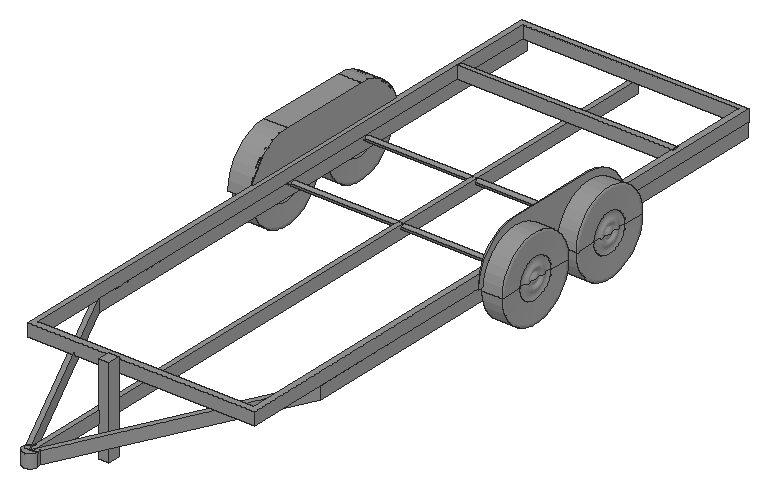
Revit family "Tumbleweed Trailer", category Site, Revit 2013
Parameters (values of type "20'")
  Total Length = Hitch Distance + Bed Length  # 24' - 6"
  Porch Front = 2' - 8"
  Channel Width = 0' - 2"
  Channel Depth = 0' - 5"
  Bed Width = 7' - 4"
  Bed Length = 20' - 0"
  Bed Height = 1' - 10"
  Hitch Distance = 4' - 6"
  Axle to Back = 8' - 0"
Types (4): name | Total Length | Bed Length | Axle to Back
  (no name) | 24' - 6" | 20' - 0" | 8' - 0"
  20' | 24' - 6" | 20' - 0" | 8' - 0"
  14' | 18' - 6" | 14' - 0" | 6' - 0"
  18' | 22' - 6" | 18' - 0" | 8' - 0"
Reference planes (in)
  plane 1 "Center (Front/Back)": y = 0
  plane 2: z = 0
  plane 3 "Center (Left/Right)": x = 0
  plane 4 "Bed Top": z = 22
  plane 5: y = -144
  plane 6: y = 96
  plane 7: x = 44
  plane 8: x = -44
  plane 9: y = 64
  plane 10: z = 17
  plane 11: z = 12
  plane 12: y = -198
  plane 13: y = -112
  plane 14: x = 1
  plane 15: x = -1
  plane 16: y = -166
  plane 17: y = 18
  plane 18: y = -18
  plane 19: x = 53
  plane 20: x = -53
  plane 21: z = 15.97975
Forms (in)
  Extrusion 1, solid, material "Steel, Paint Finish, Black, Glossy"
    sketch origin (0, 0, 0) x (1, 0, 0) y (0, 1, 0)
      loop
        line (-44, 96) -> (-44, -144) -> (44, -144) -> (44, 96) -> (-44, 96)
      loop
        line (-42, 94) -> (-42, -142) -> (42, -142) -> (42, 94) -> (-42, 94)
    from 17 to 22
  Extrusion 2, solid, material "Steel, Paint Finish, Black, Glossy"
    sketch origin (0, 0, 0) x (1, 0, 0) y (0, 1, 0)
      loop
        line (-42, 64) -> (-42, 62) -> (42, 62) -> (42, 64) -> (-42, 64)
    from 17 to 22
  Extrusion 3, solid, material "Steel, Paint Finish, Black, Glossy"
    sketch origin (0, 0, 0) x (1, 0, 0) y (0, 1, 0)
      loop
        circle (0, -198) r 3
    from 12 to 17
  Extrusion 4, solid, material "Steel, Paint Finish, Black, Glossy"
    sketch origin (0, 0, 0) x (1, 0, 0) y (0, 1, 0)
      loop
        line (44, 96) -> (42, 96) -> (42, -112) -> (44, -112) -> (44, 96)
      loop
        line (-44, 96) -> (-44, -112) -> (-42, -112) -> (-42, 96) -> (-44, 96)
    from 12 to 17
  Extrusion 5, solid, material "Steel, Paint Finish, Black, Glossy"
    sketch origin (0, 0, 0) x (1, 0, 0) y (0, 1, 0)
      loop
        line (0, -198) -> (-42, -112) -> (-44, -112) -> (-2, -198) -> (0, -198)
    from 12 to 17
  Extrusion 6, solid, material "Steel, Paint Finish, Black, Glossy"
    sketch origin (0, 0, 0) x (-1, 0, 0) y (0, -1, 0)
      loop
        line (0, 198) -> (-2, 198) -> (-44, 112) -> (-42, 112) -> (0, 198)
    from 12 to 17
  Extrusion 7, solid, material "Steel, Paint Finish, Black, Glossy"
    sketch origin (0, 0, 0) x (1, 0, 0) y (0, 1, 0)
      loop
        line (1, -198) -> (1, 96) -> (-1, 96) -> (-1, -198) -> (1, -198)
    from 12 to 17
  Extrusion 8, solid, material "Steel, Paint Finish, Black, Glossy"
    sketch origin (0, 0, 0) x (1, 0, 0) y (0, 1, 0)
      loop
        line (1, -166) -> (5, -166) -> (5, -161) -> (1, -161) -> (1, -166)
    from 0 to 34.77654
  Extrusion 9, solid, material "Stainless Steel, Brushed"
    sketch origin (0, 0, 0) x (0, 1, 0) y (0, 0, 1)
      loop
        circle (-18, 15.97975) r 1
      loop
        circle (18, 15.97975) r 1
    from -44 to 44
  Revolve 10, solid, material "Rubber, Black"
    sketch origin (0, -36, 15.97975) x (1, 0, 0) y (0, 1, 0)
      loop
        spline (-52.49995, 10.5) -> (-52.65986, 8.84771) -> (-52.78013, 7.44358) -> (-52.86495, 6.26527) -> (-52.91853, 5.29047) -> (-52.94508, 4.49684) -> (-52.94881, 3.86207) -> (-52.9339, 3.36383) -> (-52.90458, 2.9798) -> (-52.86314, 2.68672) -> (-52.79461, 2.45308) -> (-52.67489, 2.24291) -> (-52.47975, 2.02025)
        line (-52.47975, 2.02025) -> (-44.64522, 2.02025)
        spline (-44.64522, 2.02025) -> (-44.45009, 2.24291) -> (-44.33036, 2.45308) -> (-44.26184, 2.68672) -> (-44.22039, 2.9798) -> (-44.19107, 3.36383) -> (-44.17617, 3.86207) -> (-44.17989, 4.49684) -> (-44.20644, 5.29047) -> (-44.26003, 6.26527) -> (-44.34485, 7.44358) -> (-44.46511, 8.84771) -> (-44.62502, 10.5)
        line (-44.62502, 10.5) -> (-52.49995, 10.5)
      axis (-52.49995, 18) -> (-44.62502, 18)
    angle from 0 to 360
  Revolve 11, solid, material "Stainless Steel, Brushed"
    sketch origin (0, -36, 15.97975) x (1, 0, 0) y (0, 1, 0)
      loop
        spline (-53, 18) -> (-52.74272, 16.84473) -> (-52.32089, 16.22869) -> (-52.14298, 15.83348) -> (-52.22944, 15.50393) -> (-52.50173, 15.14099) -> (-52.79083, 14.75549) -> (-52.93373, 14.37665) -> (-52.89054, 13.97707) -> (-52.65057, 13.51594) -> (-52.31206, 12.90227) -> (-52.16053, 11.95886) -> (-52.49995, 10.5)
        line (-52.49995, 10.5) -> (-44.62502, 10.5)
        spline (-44.62502, 10.5) -> (-44.96445, 11.95886) -> (-44.81291, 12.90227) -> (-44.47441, 13.51594) -> (-44.23443, 13.97707) -> (-44.19125, 14.37665) -> (-44.33414, 14.75549) -> (-44.62324, 15.14099) -> (-44.89554, 15.50393) -> (-44.98199, 15.83348) -> (-44.80409, 16.22869) -> (-44.38225, 16.84473) -> (-44.12498, 18)
        line (-44.12498, 18) -> (-53, 18)
      axis (-53, 18) -> (-44.12498, 18)
    angle from 0 to 360
  Revolve 12, solid, material "Rubber, Black"
    sketch origin (97, -36, 15.97975) x (1, 0, 0) y (0, 1, 0)
      loop
        spline (-52.49995, 10.5) -> (-52.65986, 8.84771) -> (-52.78013, 7.44358) -> (-52.86495, 6.26527) -> (-52.91853, 5.29047) -> (-52.94508, 4.49684) -> (-52.94881, 3.86207) -> (-52.9339, 3.36383) -> (-52.90458, 2.9798) -> (-52.86314, 2.68672) -> (-52.79461, 2.45308) -> (-52.67489, 2.24291) -> (-52.47975, 2.02025)
        line (-52.47975, 2.02025) -> (-44.64522, 2.02025)
        spline (-44.64522, 2.02025) -> (-44.45009, 2.24291) -> (-44.33036, 2.45308) -> (-44.26184, 2.68672) -> (-44.22039, 2.9798) -> (-44.19107, 3.36383) -> (-44.17617, 3.86207) -> (-44.17989, 4.49684) -> (-44.20644, 5.29047) -> (-44.26003, 6.26527) -> (-44.34485, 7.44358) -> (-44.46511, 8.84771) -> (-44.62502, 10.5)
        line (-44.62502, 10.5) -> (-52.49995, 10.5)
      axis (-52.49995, 18) -> (-44.62502, 18)
    angle from 0 to 360
  Revolve 13, solid, material "Stainless Steel, Brushed"
    sketch origin (97, -36, 15.97975) x (1, 0, 0) y (0, 1, 0)
      loop
        spline (-53, 18) -> (-52.74272, 16.84473) -> (-52.32089, 16.22869) -> (-52.14298, 15.83348) -> (-52.22944, 15.50393) -> (-52.50173, 15.14099) -> (-52.79083, 14.75549) -> (-52.93373, 14.37665) -> (-52.89054, 13.97707) -> (-52.65057, 13.51594) -> (-52.31206, 12.90227) -> (-52.16053, 11.95886) -> (-52.49995, 10.5)
        line (-52.49995, 10.5) -> (-44.62502, 10.5)
        spline (-44.62502, 10.5) -> (-44.96445, 11.95886) -> (-44.81291, 12.90227) -> (-44.47441, 13.51594) -> (-44.23443, 13.97707) -> (-44.19125, 14.37665) -> (-44.33414, 14.75549) -> (-44.62324, 15.14099) -> (-44.89554, 15.50393) -> (-44.98199, 15.83348) -> (-44.80409, 16.22869) -> (-44.38225, 16.84473) -> (-44.12498, 18)
        line (-44.12498, 18) -> (-53, 18)
      axis (-53, 18) -> (-44.12498, 18)
    angle from 0 to 360
  Extrusion 14, solid, material "Steel, Paint Finish, Black, Glossy"
    sketch origin (-85, 0, 0) x (0, 1, 0) y (0, 0, 1)
      loop
        arc (17.99974, 33.99744) -> (30.03232, 29.01438) -> (35.01877, 16.9832) r 17.01904
        line (35.01877, 16.9832) -> (35.52407, 16.9832)
        arc (35.52407, 16.9832) -> (30.39158, 29.37413) -> (18.00064, 34.50663) r 17.52343
        line (18.00064, 34.50663) -> (-18.00119, 34.50663)
        arc (-18.00119, 34.50663) -> (-30.38734, 29.37611) -> (-35.51786, 16.98996) r 17.51667
        line (-35.51786, 16.98996) -> (-35.02113, 16.98996)
        arc (-35.02113, 16.98996) -> (-30.03064, 29.01692) -> (-17.99955, 33.99744) r 17.02159
        line (-17.99955, 33.99744) -> (17.99974, 33.99744)
    from 32 to 41
  Extrusion 15, solid, material "Steel, Paint Finish, Black, Glossy"
    sketch origin (0, 0, 0) x (0, 1, 0) y (0, 0, 1)
      loop
        arc (-18.00317, 34.50304) -> (-30.38874, 29.37277) -> (-35.51902, 16.98719) r 17.51585
        line (-35.51902, 16.98719) -> (35.51227, 16.98719)
        arc (35.51227, 16.98719) -> (30.38199, 29.37277) -> (17.99641, 34.50304) r 17.51585
        line (17.99641, 34.50304) -> (-18.00317, 34.50304)
    from 44 to 44.50005
  Extrusion 16, solid, material "Steel, Paint Finish, Black, Glossy"
    sketch origin (-75, 0, 0) x (0, 1, 0) y (0, 0, 1)
      loop
        arc (-18.00317, 34.50304) -> (-30.38874, 29.37277) -> (-35.51902, 16.98719) r 17.51585
        line (-35.51902, 16.98719) -> (35.51227, 16.98719)
        arc (35.51227, 16.98719) -> (30.38199, 29.37277) -> (17.99641, 34.50304) r 17.51585
        line (17.99641, 34.50304) -> (-18.00317, 34.50304)
    from 30.35478 to 31
  Revolve 17, solid, material "Stainless Steel, Brushed"
    sketch origin (0, 0, 15.97975) x (1, 0, 0) y (0, 1, 0)
      loop
        spline (-53, 18) -> (-52.74272, 16.84473) -> (-52.32089, 16.22869) -> (-52.14298, 15.83348) -> (-52.22944, 15.50393) -> (-52.50173, 15.14099) -> (-52.79083, 14.75549) -> (-52.93373, 14.37665) -> (-52.89054, 13.97707) -> (-52.65057, 13.51594) -> (-52.31206, 12.90227) -> (-52.16053, 11.95886) -> (-52.49995, 10.5)
        line (-52.49995, 10.5) -> (-44.62502, 10.5)
        spline (-44.62502, 10.5) -> (-44.96445, 11.95886) -> (-44.81291, 12.90227) -> (-44.47441, 13.51594) -> (-44.23443, 13.97707) -> (-44.19125, 14.37665) -> (-44.33414, 14.75549) -> (-44.62324, 15.14099) -> (-44.89554, 15.50393) -> (-44.98199, 15.83348) -> (-44.80409, 16.22869) -> (-44.38225, 16.84473) -> (-44.12498, 18)
        line (-44.12498, 18) -> (-53, 18)
      axis (-53, 18) -> (-44.12498, 18)
    angle from 0 to 360
  Revolve 18, solid, material "Rubber, Black"
    sketch origin (97, 0, 15.97975) x (1, 0, 0) y (0, 1, 0)
      loop
        spline (-52.49995, 10.5) -> (-52.65986, 8.84771) -> (-52.78013, 7.44358) -> (-52.86495, 6.26527) -> (-52.91853, 5.29047) -> (-52.94508, 4.49684) -> (-52.94881, 3.86207) -> (-52.9339, 3.36383) -> (-52.90458, 2.9798) -> (-52.86314, 2.68672) -> (-52.79461, 2.45308) -> (-52.67489, 2.24291) -> (-52.47975, 2.02025)
        line (-52.47975, 2.02025) -> (-44.64522, 2.02025)
        spline (-44.64522, 2.02025) -> (-44.45009, 2.24291) -> (-44.33036, 2.45308) -> (-44.26184, 2.68672) -> (-44.22039, 2.9798) -> (-44.19107, 3.36383) -> (-44.17617, 3.86207) -> (-44.17989, 4.49684) -> (-44.20644, 5.29047) -> (-44.26003, 6.26527) -> (-44.34485, 7.44358) -> (-44.46511, 8.84771) -> (-44.62502, 10.5)
        line (-44.62502, 10.5) -> (-52.49995, 10.5)
      axis (-52.49995, 18) -> (-44.62502, 18)
    angle from 0 to 360
  Revolve 19, solid, material "Stainless Steel, Brushed"
    sketch origin (97, 0, 15.97975) x (1, 0, 0) y (0, 1, 0)
      loop
        spline (-53, 18) -> (-52.74272, 16.84473) -> (-52.32089, 16.22869) -> (-52.14298, 15.83348) -> (-52.22944, 15.50393) -> (-52.50173, 15.14099) -> (-52.79083, 14.75549) -> (-52.93373, 14.37665) -> (-52.89054, 13.97707) -> (-52.65057, 13.51594) -> (-52.31206, 12.90227) -> (-52.16053, 11.95886) -> (-52.49995, 10.5)
        line (-52.49995, 10.5) -> (-44.62502, 10.5)
        spline (-44.62502, 10.5) -> (-44.96445, 11.95886) -> (-44.81291, 12.90227) -> (-44.47441, 13.51594) -> (-44.23443, 13.97707) -> (-44.19125, 14.37665) -> (-44.33414, 14.75549) -> (-44.62324, 15.14099) -> (-44.89554, 15.50393) -> (-44.98199, 15.83348) -> (-44.80409, 16.22869) -> (-44.38225, 16.84473) -> (-44.12498, 18)
        line (-44.12498, 18) -> (-53, 18)
      axis (-53, 18) -> (-44.12498, 18)
    angle from 0 to 360
  Revolve 20, solid, material "Rubber, Black"
    sketch origin (0, 0, 15.97975) x (1, 0, 0) y (0, 1, 0)
      loop
        spline (-52.49995, 10.5) -> (-52.65986, 8.84771) -> (-52.78013, 7.44358) -> (-52.86495, 6.26527) -> (-52.91853, 5.29047) -> (-52.94508, 4.49684) -> (-52.94881, 3.86207) -> (-52.9339, 3.36383) -> (-52.90458, 2.9798) -> (-52.86314, 2.68672) -> (-52.79461, 2.45308) -> (-52.67489, 2.24291) -> (-52.47975, 2.02025)
        line (-52.47975, 2.02025) -> (-44.64522, 2.02025)
        spline (-44.64522, 2.02025) -> (-44.45009, 2.24291) -> (-44.33036, 2.45308) -> (-44.26184, 2.68672) -> (-44.22039, 2.9798) -> (-44.19107, 3.36383) -> (-44.17617, 3.86207) -> (-44.17989, 4.49684) -> (-44.20644, 5.29047) -> (-44.26003, 6.26527) -> (-44.34485, 7.44358) -> (-44.46511, 8.84771) -> (-44.62502, 10.5)
        line (-44.62502, 10.5) -> (-52.49995, 10.5)
      axis (-52.49995, 18) -> (-44.62502, 18)
    angle from 0 to 360
Dimensions and locks (in)
  equal spacing: plane 8, plane 3 "Center (Left/Right)", plane 7
  "Axle to Back": plane 1 "Center (Front/Back)" to plane 6
  "Bed Width": plane 8 to plane 7
  "Bed Length": plane 6 to plane 5
  "Porch Front": plane 6 to plane 9
  "Channel Depth": plane 4 "Bed Top" to plane 10
  "Channel Depth": plane 10 to plane 11
  "Bed Height": plane 4 "Bed Top" to level
  "Channel Width": Extrusion 1 sketch curve to Extrusion 1 sketch curve  (x4)
  "Channel Width": plane 9 to Extrusion 2 sketch curve
  "Porch Front": plane 13 to plane 5
  equal spacing: plane 15, plane 3 "Center (Left/Right)", plane 14
  "Channel Width": plane 15 to plane 14
  "Channel Depth": Extrusion 8 sketch curve to plane 16
  equal spacing: plane 18, plane 1 "Center (Front/Back)", plane 17
  plane 18 to plane 17 = 3' - 0"
  plane 7 to plane 19 = 0' - 9"
  plane 20 to plane 8 = 0' - 9"
  "Porch Front": plane 16 to plane 12
  "Total Length": plane 6 to plane 12
  aligned and locked: Extrusion 1 sketch curve to plane 6
  aligned and locked: plane 8 to Extrusion 1 sketch curve
  aligned and locked: plane 5 to Extrusion 1 sketch curve
  aligned and locked: Extrusion 1 sketch curve to plane 7
  aligned and locked: plane 4 "Bed Top" to Extrusion 1
  aligned and locked: Extrusion 1 to plane 10
  aligned and locked: Extrusion 2 sketch curve to plane 9
  aligned and locked: Extrusion 1 to Extrusion 2 sketch curve  (x2)
  aligned and locked: plane 4 "Bed Top" to Extrusion 2
  aligned and locked: Extrusion 1 to Extrusion 2
  aligned and locked: Extrusion 3 to Extrusion 1
  aligned and locked: Extrusion 3 to plane 11
  aligned and locked: Extrusion 4 sketch curve to Extrusion 1  (x5)
  aligned and locked: Extrusion 1 to Extrusion 4 sketch curve
  aligned and locked: Extrusion 4 sketch curve to plane 13
  aligned and locked: plane 13 to Extrusion 4 sketch curve
  aligned and locked: Extrusion 4 to Extrusion 1
  aligned and locked: Extrusion 4 to plane 11
  aligned and locked: plane 13 to Extrusion 5
  aligned and locked: Extrusion 5 to plane 12
  aligned and locked: plane 13 to Extrusion 6
  aligned and locked: Extrusion 6 to plane 12
  aligned and locked: Extrusion 6 to Extrusion 1
  aligned and locked: Extrusion 6 to plane 11
  aligned and locked: Extrusion 5 to Extrusion 1
  aligned and locked: Extrusion 5 to plane 11
  aligned and locked: Extrusion 7 to Extrusion 1
  aligned and locked: Extrusion 7 to plane 11
  aligned and locked: Extrusion 8 sketch curve to plane 16
  aligned and locked: plane 14 to Extrusion 8 sketch curve
  aligned and locked: Extrusion 8 to level
  aligned and locked: Extrusion 9 to plane 8
  aligned and locked: Extrusion 9 to plane 7
  aligned and locked: Extrusion 7 sketch curve to Extrusion 6
  aligned and locked: plane 14 to Extrusion 7 sketch curve
  aligned and locked: Extrusion 7 sketch curve to plane 6
  aligned and locked: plane 15 to Extrusion 7 sketch curve
  aligned and locked: Extrusion 14 to plane 20
  aligned and locked: plane 8 to Extrusion 14
  aligned and locked: plane 7 to Extrusion 15
  aligned and locked: plane 8 to Extrusion 16
Automatic sketch dimensions
  Extrusion 3 sketch curve to plane 3 "Center (Left/Right)" = 0' - 0"
  Extrusion 3 sketch curve to plane 12 = 0' - 0"
  Extrusion 5 sketch curve to plane 8 = 0' - 0"
  Extrusion 5 sketch curve to plane 13 = 0' - 0"
  Extrusion 5 sketch curve to plane 12 = 0' - 0"
  Extrusion 5 sketch curve to plane 3 "Center (Left/Right)" = 0' - 0"
  plane 8 to Extrusion 5 sketch curve = 0' - 2"
  Extrusion 5 sketch curve to plane 15 = 0' - 1"
  Extrusion 6 sketch curve to plane 7 = 0' - 0"
  Extrusion 6 sketch curve to plane 13 = 0' - 0"
  Extrusion 6 sketch curve to plane 12 = 0' - 0"
  Extrusion 6 sketch curve to plane 3 "Center (Left/Right)" = 0' - 0"
  Extrusion 6 sketch curve to Extrusion 6 sketch curve = 0' - 2"
  plane 14 to Extrusion 6 sketch curve = 0' - 1"
  Extrusion 9 sketch curve to plane 18 = 0' - 0"
  Extrusion 9 sketch curve to plane 17 = 0' - 0"
  Extrusion 9 sketch curve to plane 21 = 0' - 0"  (x2)
  plane 20 to Revolve 10 sketch curve = 0' - 0.50005"
  Revolve 10 sketch curve to plane 8 = 0' - 0.64522"
  plane 18 to Revolve 10 sketch curve = 1' - 3.97975"
  plane 18 to Revolve 10 sketch curve = 0' - 0"
  plane 20 to Revolve 10 sketch curve = 0' - 0.52025"
  Revolve 10 sketch curve to plane 8 = 0' - 0.62502"
  Revolve 10 sketch curve to plane 20 = 0' - 3 1/2"
  plane 8 to Revolve 10 sketch curve = 0' - 4 1/4"
  plane 18 to Revolve 10 sketch curve = 0' - 7 1/2"
  plane 18 to Revolve 11 sketch curve = 0' - 0"  (x2)
  Revolve 11 sketch curve to plane 20 = 0' - 0"
  plane 20 to Revolve 11 sketch curve = 0' - 0.50005"
  plane 18 to Revolve 11 sketch curve = 0' - 7 1/2"
  Revolve 11 sketch curve to plane 8 = 0' - 0.62502"
  Revolve 11 sketch curve to plane 8 = 0' - 0.12498"
  Revolve 11 sketch curve to plane 20 = 0' - 2 1/2"
  plane 8 to Revolve 11 sketch curve = 0' - 5 1/2"
  Revolve 12 sketch curve to plane 7 = 0' - 0.50005"
  Revolve 12 sketch curve to plane 19 = 0' - 0.64522"
  plane 18 to Revolve 12 sketch curve = 1' - 3.97975"
  plane 18 to Revolve 12 sketch curve = 0' - 0"
  Revolve 12 sketch curve to plane 7 = 0' - 0.52025"
  Revolve 12 sketch curve to plane 19 = 0' - 0.62502"
  plane 7 to Revolve 12 sketch curve = 0' - 3 1/2"
  plane 19 to Revolve 12 sketch curve = 0' - 4 1/4"
  plane 18 to Revolve 12 sketch curve = 0' - 7 1/2"
  Revolve 13 sketch curve to plane 7 = 0' - 0"
  plane 18 to Revolve 13 sketch curve = 0' - 0"  (x2)
  Revolve 13 sketch curve to plane 7 = 0' - 0.50005"
  plane 18 to Revolve 13 sketch curve = 0' - 7 1/2"
  Revolve 13 sketch curve to plane 19 = 0' - 0.62502"
  Revolve 13 sketch curve to plane 19 = 0' - 0.12498"
  Revolve 13 sketch curve to Revolve 13 sketch curve = 0' - 2 1/2"
  plane 19 to Revolve 13 sketch curve = 0' - 5 1/2"
  Extrusion 15 sketch curve to plane 10 = 0' - 0.01281"
  plane 18 to Extrusion 15 sketch curve = 1' - 5.51902"
  Extrusion 15 sketch curve to plane 17 = 0' - 0.00359"
  plane 4 "Bed Top" to Extrusion 15 sketch curve = 1' - 0.50304"
  Extrusion 16 sketch curve to plane 10 = 0' - 0.01281"
  plane 18 to Extrusion 16 sketch curve = 1' - 5.51902"
  Extrusion 16 sketch curve to plane 17 = 0' - 0.00359"
  plane 4 "Bed Top" to Extrusion 16 sketch curve = 1' - 0.50304"
  Revolve 17 sketch curve to plane 17 = 0' - 0"  (x2)
  Revolve 17 sketch curve to plane 20 = 0' - 0"
  plane 20 to Revolve 17 sketch curve = 0' - 0.50005"
  Revolve 17 sketch curve to plane 17 = 0' - 7 1/2"
  Revolve 17 sketch curve to plane 8 = 0' - 0.62502"
  Revolve 17 sketch curve to plane 8 = 0' - 0.12498"
  Revolve 17 sketch curve to Revolve 17 sketch curve = 0' - 2 1/2"
  plane 8 to Revolve 17 sketch curve = 0' - 5 1/2"
  Revolve 18 sketch curve to plane 7 = 0' - 0.50005"
  Revolve 18 sketch curve to plane 19 = 0' - 0.64522"
  Revolve 18 sketch curve to plane 1 "Center (Front/Back)" = 0' - 2.02025"
  Revolve 18 sketch curve to plane 17 = 0' - 0"
  Revolve 18 sketch curve to plane 7 = 0' - 0.52025"
  Revolve 18 sketch curve to plane 19 = 0' - 0.62502"
  plane 7 to Revolve 18 sketch curve = 0' - 3 1/2"
  plane 19 to Revolve 18 sketch curve = 0' - 4 1/4"
  Revolve 18 sketch curve to plane 17 = 0' - 7 1/2"
  Revolve 19 sketch curve to plane 7 = 0' - 0"
  Revolve 19 sketch curve to plane 17 = 0' - 0"  (x2)
  Revolve 19 sketch curve to plane 7 = 0' - 0.50005"
  Revolve 19 sketch curve to plane 17 = 0' - 7 1/2"
  Revolve 19 sketch curve to plane 19 = 0' - 0.62502"
  Revolve 19 sketch curve to plane 19 = 0' - 0.12498"
  Revolve 19 sketch curve to Revolve 19 sketch curve = 0' - 2 1/2"
  plane 19 to Revolve 19 sketch curve = 0' - 5 1/2"
  plane 20 to Revolve 20 sketch curve = 0' - 0.50005"
  Revolve 20 sketch curve to plane 8 = 0' - 0.64522"
  Revolve 20 sketch curve to plane 1 "Center (Front/Back)" = 0' - 2.02025"
  Revolve 20 sketch curve to plane 17 = 0' - 0"
  plane 20 to Revolve 20 sketch curve = 0' - 0.52025"
  Revolve 20 sketch curve to plane 8 = 0' - 0.62502"
  Revolve 20 sketch curve to plane 20 = 0' - 3 1/2"
  plane 8 to Revolve 20 sketch curve = 0' - 4 1/4"
  Revolve 20 sketch curve to plane 17 = 0' - 7 1/2"
  Extrusion 14 sketch curve to Extrusion 14 sketch curve = 0' - 0.0009"
  Extrusion 14 sketch curve to Extrusion 14 sketch curve = 0' - 0.00479"
  plane 17 to Extrusion 14 sketch curve = 0' - 0.00064"
  Extrusion 14 sketch curve to plane 10 = 0' - 0.01004"
  Extrusion 14 sketch curve to plane 18 = 0' - 0.00045"
  plane 18 to Extrusion 14 sketch curve = 0' - 0.00119"
  Extrusion 14 sketch curve to Extrusion 14 sketch curve = 0' - 0.49672"
  Extrusion 14 sketch curve to plane 10 = 0' - 0.0168"
  Extrusion 14 sketch curve to Extrusion 14 sketch curve = 0' - 0.5053"
  Extrusion 14 sketch curve to Extrusion 14 sketch curve = 0' - 0.50918"
  Extrusion 8 sketch curve to plane 14 = 0' - 4"
  radius of Extrusion 3 sketch curve = 0' - 3"
  radius of Extrusion 9 sketch curve = 0' - 1"  (x2)
